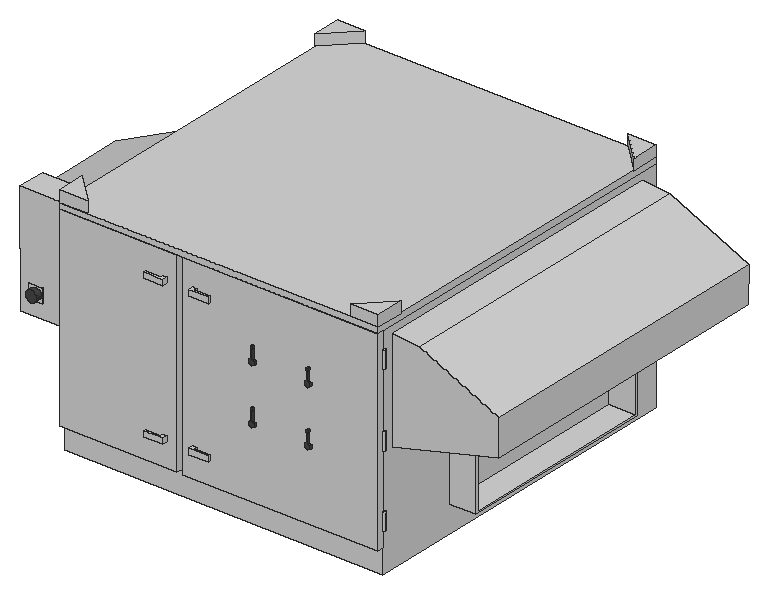
Revit family "HE3XRTH_FEB23", category Mechanical Equipment, Revit 2019
Family settings
  Round Connector Dimension = Use Diameter
  Part Type = Normal
  OmniClass Number = 23.75.00.00
  OmniClass Title = Climate Control (HVAC)
  Work Plane-Based = No
  Always vertical = Yes
  Cut with Voids When Loaded = No
  Shared = No
  Room Calculation Point = No
Parameters (values of type "2.0 HP 120V Single Phase")
  Voltage = "120"
  Ventilation Type = "Static Plate, Heat and Humidity Transfer"
  Unit Width = "63-1/4\""
  Unit Weight = "700-972 lbs."
  Unit Length = "94\""
  Unit Height = "44\""
  Unit = Metal - RenewAire - Anodized - Gray Text
  URL = "www.renewaire.com"
  Typical Airflow Range = "750-3,300 CFM"
  Standard Features = "TEFC Premium efficiency motors, Motor starters, Non-Fused Disconnect, 24VAC Transformer/Relay Package"
  Shipping Weight = "1,067 lbs."
  Service Area Visibility = no
  Service Area Box = Interference - RenewAire - Smooth - Light - Gold
  Revit Object Download Link = ""
  Phase = "Single"
  Options = "Integrated programmable controls, Fused disconnect, Double wall construction, Factory supplied and mounted variable frequency drives (VFDs) – one or both airstreams, Class 1 low leakage motorized isolation dampers – OA, RA or both airstreams, Qty. 2 Factory mounted filter alarms, Exterior Paint - white, custom colors"
  Number Motors = "Qty. 2, Belt drive blower/standard motor packages with adjustable sheaves"
  Model = "HE3XRTH"
  Minimum Circuit Amps = "45.0 A"
  Maximum Overcurrent Protection = "60 A"
  Max. Shipping Width = "70\""
  Max. Shipping Length = "80\""
  Max. Shipping Height = "67\""
  Manufacturer = "RenewAire LLC"
  Frequency = "60 HZ"
  FLA per Motor = "20.0"
  Description = "Energy Recovery Ventilator"
  Connector Base Material = Glass - With - Transparency
  Accessories = "Filters - MERV 13, 2\" (shipped loose),Roof curb - standard 14\", Curb wind clip, Engineered combo curb for Carrier RTU, Engineered combo curb for Trane RTU, Digital time clock - wall mount(TC7D-W), in exterior enclosure (TC7D-E), Motion occupancy control - ceiling mount(MC-C), wall mount(MC-W), Carbon dioxide control - wall mount (CO2-W), duct mount(CO2-D), Electric duct heater – EK series (1-60 KW), EH series (61-175kW); designed for indoor ductwork installation only, Indirect gas-fired duct furnace - GH Series (50-400 MBH), installed downstream of any fans"
  AHRI 1060 Certified Core = "Three L125-G5"
Types (13): name | Voltage | Phase | Options | Minimum Circuit Amps | Maximum Overcurrent Protection | FLA per Motor | Accessories
  (no name) | "120" | "Single" | "Integrated programmable controls, Fused disconnect, Double wall construction, Factory supplied and mounted variable frequency drives (VFDs) – one or both airstreams, Class 1 low leakage motorized isolation dampers – OA, RA or both airstreams, Qty. 2 Factory mounted filter alarms, Exterior Paint - white, custom colors" | "45.0 A" | "60 A" | "20.0" | "Filters - MERV 13, 2\" (shipped loose),Roof curb - standard 14\", Curb wind clip, Engineered combo curb for Carrier RTU, Engineered combo curb for Trane RTU, Digital time clock - wall mount(TC7D-W), in exterior enclosure (TC7D-E), Motion occupancy control - ceiling mount(MC-C), wall mount(MC-W), Carbon dioxide control - wall mount (CO2-W), duct mount(CO2-D), Electric duct heater – EK series (1-60 KW), EH series (61-175kW); designed for indoor ductwork installation only, Indirect gas-fired duct furnace - GH Series (50-400 MBH), installed downstream of any fans"
  2.0 HP 120V Single Phase | "120" | "Single" | "Integrated programmable controls, Fused disconnect, Double wall construction, Factory supplied and mounted variable frequency drives (VFDs) – one or both airstreams, Class 1 low leakage motorized isolation dampers – OA, RA or both airstreams, Qty. 2 Factory mounted filter alarms, Exterior Paint - white, custom colors" | "45.0 A" | "60 A" | "20.0" | "Filters - MERV 13, 2\" (shipped loose),Roof curb - standard 14\", Curb wind clip, Engineered combo curb for Carrier RTU, Engineered combo curb for Trane RTU, Digital time clock - wall mount(TC7D-W), in exterior enclosure (TC7D-E), Motion occupancy control - ceiling mount(MC-C), wall mount(MC-W), Carbon dioxide control - wall mount (CO2-W), duct mount(CO2-D), Electric duct heater – EK series (1-60 KW), EH series (61-175kW); designed for indoor ductwork installation only, Indirect gas-fired duct furnace - GH Series (50-400 MBH), installed downstream of any fans"
  2.0 HP 208-230V Single Phase | "208-230" | "Single" | "Integrated programmable controls, Fused disconnect, Double wall construction, Factory supplied and mounted variable frequency drives (VFDs) – one or both airstreams, Class 1 low leakage motorized isolation dampers – OA, RA or both airstreams, Qty. 2 Factory mounted filter alarms, Exterior Paint - white, custom colors" | "24.3 A" | "35 A" | "10.8-10.0" | "Filters - MERV 13, 2\" (shipped loose),Roof curb - standard 14\", Curb wind clip, Engineered combo curb for Carrier RTU, Engineered combo curb for Trane RTU, Digital time clock - wall mount(TC7D-W), in exterior enclosure (TC7D-E), Motion occupancy control - ceiling mount(MC-C), wall mount(MC-W), Carbon dioxide control - wall mount (CO2-W), duct mount(CO2-D), Electric duct heater – EK series (1-60 KW), EH series (61-175kW); designed for indoor ductwork installation only, Indirect gas-fired duct furnace - GH Series (50-400 MBH), installed downstream of any fans"
  2.0 HP 208-230V Three Phase | "208-230" | "Three" | "Integrated programmable controls, Fused disconnect, Double wall construction, Factory supplied and mounted variable frequency drives (VFDs) – one or both airstreams, Class 1 low leakage motorized isolation dampers – OA, RA or both airstreams, Qty. 2 Factory mounted filter alarms, Exterior Paint - white, custom colors" | "14.9 A" | "20 A" | "6.6-5.8" | "Filters - MERV 13, 2\" (shipped loose),Roof curb - standard 14\", Curb wind clip, Engineered combo curb for Carrier RTU, Engineered combo curb for Trane RTU, Digital time clock - wall mount(TC7D-W), in exterior enclosure (TC7D-E), Motion occupancy control - ceiling mount(MC-C), wall mount(MC-W), Carbon dioxide control - wall mount (CO2-W), duct mount(CO2-D), Electric duct heater – EK series (1-60 KW), EH series (61-175kW); designed for indoor ductwork installation only, Indirect gas-fired duct furnace - GH Series (50-400 MBH), installed downstream of any fans"
  2.0 HP 460V Three Phase | "460" | "Three" | "Integrated programmable controls, Fused disconnect, Double wall construction, Factory supplied and mounted variable frequency drives (VFDs) – one or both airstreams, Class 1 low leakage motorized isolation dampers – OA, RA or both airstreams, Qty. 2 Factory mounted filter alarms, Exterior Paint - white, custom colors" | "6.5 A" | "15 A" | "2.9" | "Filters - MERV 13, 2\" (shipped loose),Roof curb - standard 14\", Curb wind clip, Engineered combo curb for Carrier RTU, Engineered combo curb for Trane RTU, Digital time clock - wall mount(TC7D-W), in exterior enclosure (TC7D-E), Motion occupancy control - ceiling mount(MC-C), wall mount(MC-W), Carbon dioxide control - wall mount (CO2-W), duct mount(CO2-D), Electric duct heater – EK series (1-60 KW), EH series (61-175kW); designed for indoor ductwork installation only, Indirect gas-fired duct furnace - GH Series (50-400 MBH), installed downstream of any fans\\"
  2.0 HP 575V Three Phase | "575" | "Three" | "Integrated programmable controls, Fused disconnect, Double wall construction, Factory supplied and mounted variable frequency drives (VFDs) – one or both airstreams, Class 1 low leakage motorized isolation dampers – OA, RA or both airstreams, Qty. 2 Factory mounted filter alarms, Exterior Paint - white, custom colors" | "5.4 A" | "15 A" | "2.4" | "Filters - MERV 13, 2\" (shipped loose),Roof curb - standard 14\", Curb wind clip, Engineered combo curb for Carrier RTU, Engineered combo curb for Trane RTU, Digital time clock - wall mount(TC7D-W), in exterior enclosure (TC7D-E), Motion occupancy control - ceiling mount(MC-C), wall mount(MC-W), Carbon dioxide control - wall mount (CO2-W), duct mount(CO2-D), Electric duct heater – EK series (1-60 KW), EH series (61-175kW); designed for indoor ductwork installation only, Indirect gas-fired duct furnace - GH Series (50-400 MBH), installed downstream of any fans"
  3.0 HP 208-230V Single Phase | "208-230" | "Single" | "Integrated programmable controls, Fused disconnect, Double wall construction, Factory supplied and mounted variable frequency drives (VFDs) – one or both airstreams, Class 1 low leakage motorized isolation dampers – OA, RA or both airstreams, Qty. 2 Factory mounted filter alarms, Exterior Paint - white, custom colors" | "33.1 A" | "40 A" | "14.7-14" | "Filters - MERV 13, 2\" (shipped loose),Roof curb - standard 14\", Curb wind clip, Engineered combo curb for Carrier RTU, Engineered combo curb for Trane RTU, Digital time clock - wall mount(TC7D-W), in exterior enclosure (TC7D-E), Motion occupancy control - ceiling mount(MC-C), wall mount(MC-W), Carbon dioxide control - wall mount (CO2-W), duct mount(CO2-D), Electric duct heater – EK series (1-60 KW), EH series (61-175kW); designed for indoor ductwork installation only, Indirect gas-fired duct furnace - GH Series (50-400 MBH), installed downstream of any fans"
  3.0 HP 208-230V Three Phase | "208-230" | "Three" | "Integrated programmable controls, Fused disconnect, Double wall construction, Factory supplied and mounted variable frequency drives (VFDs) – one or both airstreams, Class 1 low leakage motorized isolation dampers – OA, RA or both airstreams, Qty. 2 Factory mounted filter alarms, Exterior Paint - white, custom colors" | "21.1 A" | "25 A" | "9.4-8.5" | "Filters - MERV 13, 2\" (shipped loose),Roof curb - standard 14\", Curb wind clip, Engineered combo curb for Carrier RTU, Engineered combo curb for Trane RTU, Digital time clock - wall mount(TC7D-W), in exterior enclosure (TC7D-E), Motion occupancy control - ceiling mount(MC-C), wall mount(MC-W), Carbon dioxide control - wall mount (CO2-W), duct mount(CO2-D), Electric duct heater – EK series (1-60 KW), EH series (61-175kW); designed for indoor ductwork installation only, Indirect gas-fired duct furnace - GH Series (50-400 MBH), installed downstream of any fans"
  3.0 HP 460V Three Phase | "460" | "Three" | "Integrated programmable controls, Fused disconnect, Double wall construction, Factory supplied and mounted variable frequency drives (VFDs) – one or both airstreams, Class 1 low leakage motorized isolation dampers – OA, RA or both airstreams, Qty. 2 Factory mounted filter alarms, Exterior Paint - white, custom colors\r\nIntegrated programmable controls, Fused disconnect, Double wall construction, Factory supplied and mounted variable frequency drives (VFDs) – one or both airstreams, Class 1 low leakage motorized isolation dampers – OA, EA or both airstreams, Qty. 2 Factory mounted filter alarms, Exterior Paint - white, custom colors" | "9.5 A" | "15 A" | "4.2" | "Filters - MERV 13, 2\" (shipped loose),Roof curb - standard 14\", Curb wind clip, Engineered combo curb for Carrier RTU, Engineered combo curb for Trane RTU, Digital time clock - wall mount(TC7D-W), in exterior enclosure (TC7D-E), Motion occupancy control - ceiling mount(MC-C), wall mount(MC-W), Carbon dioxide control - wall mount (CO2-W), duct mount(CO2-D), Electric duct heater – EK series (1-60 KW), EH series (61-175kW); designed for indoor ductwork installation only, Indirect gas-fired duct furnace - GH Series (50-400 MBH), installed downstream of any fans"
  3.0 HP 575V Three Phase | "575" | "Three" | "Integrated programmable controls, Fused disconnect, Double wall construction, Factory supplied and mounted variable frequency drives (VFDs) – one or both airstreams, Class 1 low leakage motorized isolation dampers – OA, RA or both airstreams, Qty. 2 Factory mounted filter alarms, Exterior Paint - white, custom colors" | "7.4 A" | "15 A" | "3.3" | "Filters - MERV 13, 2\" (shipped loose),Roof curb - standard 14\", Curb wind clip, Engineered combo curb for Carrier RTU, Engineered combo curb for Trane RTU, Digital time clock - wall mount(TC7D-W), in exterior enclosure (TC7D-E), Motion occupancy control - ceiling mount(MC-C), wall mount(MC-W), Carbon dioxide control - wall mount (CO2-W), duct mount(CO2-D), Electric duct heater – EK series (1-60 KW), EH series (61-175kW); designed for indoor ductwork installation only, Indirect gas-fired duct furnace - GH Series (50-400 MBH), installed downstream of any fans\r\nFilters - MERV 13, 2\" (shipped loose),Roof curb - standard 14\", Curb wind clip, Engineered combo curb for Carrier RTU, Engineered combo curb for Trane RTU, Digital time clock - wall mount(TC7D-W), in exterior enclosure (TC7D-E), Motion occupancy control - ceiling mount(MC-C), wall mount(MC-W), Carbon dioxide control - wall mount (CO2-W), duct mount(CO2-D), Electric duct heater – EK series (1-60 KW); designed for indoor ductwork installation only, Indirect gas-fired duct furnace - GH Series (50-400 MBH), installed downstream of any fans"
  5.0 HP 208-230V Three Phase | "208-230" | "Three" | "Integrated programmable controls, Fused disconnect, Double wall construction, Factory supplied and mounted variable frequency drives (VFDs) – one or both airstreams, Class 1 low leakage motorized isolation dampers – OA, RA or both airstreams, Qty. 2 Factory mounted filter alarms, Exterior Paint - white, custom colors" | "32.6 A" | "45 A" | "14.5-13.4" | "Filters - MERV 13, 2\" (shipped loose),Roof curb - standard 14\", Curb wind clip, Engineered combo curb for Carrier RTU, Engineered combo curb for Trane RTU, Digital time clock - wall mount(TC7D-W), in exterior enclosure (TC7D-E), Motion occupancy control - ceiling mount(MC-C), wall mount(MC-W), Carbon dioxide control - wall mount (CO2-W), duct mount(CO2-D), Electric duct heater – EK series (1-60 KW), EH series (61-175kW); designed for indoor ductwork installation only, Indirect gas-fired duct furnace - GH Series (50-400 MBH), installed downstream of any fans"
  5.0 HP 460V Three Phase | "460" | "Three" | "Integrated programmable controls, Fused disconnect, Double wall construction, Factory supplied and mounted variable frequency drives (VFDs) – one or both airstreams, Class 1 low leakage motorized isolation dampers – OA, RA or both airstreams, Qty. 2 Factory mounted filter alarms, Exterior Paint - white, custom colors" | "15.1 A" | "20 A" | "6.7" | "Filters - MERV 13, 2\" (shipped loose),Roof curb - standard 14\", Curb wind clip, Engineered combo curb for Carrier RTU, Engineered combo curb for Trane RTU, Digital time clock - wall mount(TC7D-W), in exterior enclosure (TC7D-E), Motion occupancy control - ceiling mount(MC-C), wall mount(MC-W), Carbon dioxide control - wall mount (CO2-W), duct mount(CO2-D), Electric duct heater – EK series (1-60 KW), EH series (61-175kW); designed for indoor ductwork installation only, Indirect gas-fired duct furnace - GH Series (50-400 MBH), installed downstream of any fans"
  5.0 HP 575V Three Phase | "575" | "Three" | "Integrated programmable controls, Fused disconnect, Double wall construction, Factory supplied and mounted variable frequency drives (VFDs) – one or both airstreams, Class 1 low leakage motorized isolation dampers – OA, RA or both airstreams, Qty. 2 Factory mounted filter alarms, Exterior Paint - white, custom colors" | "11.9 A" | "15 A" | "5.3" | "Filters - MERV 13, 2\" (shipped loose),Roof curb - standard 14\", Curb wind clip, Engineered combo curb for Carrier RTU, Engineered combo curb for Trane RTU, Digital time clock - wall mount(TC7D-W), in exterior enclosure (TC7D-E), Motion occupancy control - ceiling mount(MC-C), wall mount(MC-W), Carbon dioxide control - wall mount (CO2-W), duct mount(CO2-D), Electric duct heater – EK series (1-60 KW), EH series (61-175kW); designed for indoor ductwork installation only, Indirect gas-fired duct furnace - GH Series (50-400 MBH), installed downstream of any fans"
Reference planes (in)
  plane 1 "Center (Front/Back)": y = 0
  plane 2: z = 0
  plane 3 "Center (Left/Right)": x = 0
Forms (in)
  Extrusion 1, solid, material "Metal - RenewAire - Anodized - Gray Text" <- "Unit"
    sketch origin (0, 0, 0) x (1, 0, 0) y (0, 0, 1)
      loop
        line (-28.5625, 0) -> (28.5625, 0) -> (28.5625, 39.25) -> (-28.5625, 39.25) -> (-28.5625, 0)
    from 30.125 to -31.125
  Extrusion 2, solid, material "Metal - RenewAire - Anodized - Gray Text"
    sketch origin (0, 0, 0) x (1, 0, 0) y (0, 0, 1)
      loop
        line (-28.5625, 39.25) -> (28.5625, 39.25) -> (28.5625, 40.25) -> (-28.5625, 40.25) -> (-28.5625, 39.25)
    from 31.125 to -31.125
  Extrusion 3, solid, material "Metal - RenewAire - Anodized - Gray Text"
    sketch origin (0, 0, 0) x (1, 0, 0) y (0, 0, 1)
      loop
        line (-6.4375, 39.25) -> (-6.4375, 4.25) -> (28.5625, 4.25) -> (28.5625, 39.25) -> (-6.4375, 39.25)
      loop
        line (-28.5625, 39.25) -> (-28.5625, 4.25) -> (-7.5625, 4.25) -> (-7.5625, 39.25) -> (-28.5625, 39.25)
    from 31.125 to 30.125
  Extrusion 4, solid, material "Metal - RenewAire - Anodized - Gray Text"
    sketch origin (0, 0, 0) x (1, 0, 0) y (0, 1, 0)
      loop
        circle (-28.8125, -30.125) r 0.25
      loop
        circle (28.8125, -30.125) r 0.25
    from 10.25 to 7.25
  Extrusion 5, solid, material "Metal - RenewAire - Anodized - Gray Text"
    sketch origin (0, 0, 0) x (1, 0, 0) y (0, 1, 0)
      loop
        circle (-28.8125, -30.125) r 0.25
      loop
        circle (28.8125, -30.125) r 0.25
    from 36.25 to 33.25
  Extrusion 6, solid, material "Metal - RenewAire - Anodized - Gray Text"
    sketch origin (0, 0, 0) x (1, 0, 0) y (0, 1, 0)
      loop
        circle (-28.8125, -30.125) r 0.25
      loop
        circle (28.8125, -30.125) r 0.25
    from 23.125 to 20.125
  Extrusion 7, solid, material "Metal - RenewAire - Anodized - Gray Text"
    sketch origin (0, 0, 0) x (1, 0, 0) y (0, 1, 0)
      loop
        line (-4.6875, -31.125) -> (-4.6875, -32) -> (-1.1875, -32) -> (-1.1875, -31.625) -> (-3.9375, -31.625) -> (-3.9375, -31.125) -> (-4.6875, -31.125)
      loop
        line (-9.3125, -31.125) -> (-10.0625, -31.125) -> (-10.0625, -31.625) -> (-12.8125, -31.625) -> (-12.8125, -32) -> (-9.3125, -32) -> (-9.3125, -31.125)
    from 9.5 to 8.5
  Extrusion 8, solid, material "Metal - RenewAire - Anodized - Gray Text"
    sketch origin (0, 0, 0) x (1, 0, 0) y (0, 1, 0)
      loop
        line (-4.6875, -31.125) -> (-4.6875, -32) -> (-1.1875, -32) -> (-1.1875, -31.625) -> (-3.9375, -31.625) -> (-3.9375, -31.125) -> (-4.6875, -31.125)
      loop
        line (-9.3125, -31.125) -> (-10.0625, -31.125) -> (-10.0625, -31.625) -> (-12.8125, -31.625) -> (-12.8125, -32) -> (-9.3125, -32) -> (-9.3125, -31.125)
    from 35 to 34
  Extrusion 9, solid, material "Metal - RenewAire - Anodized - Gray Text"
    sketch origin (0, 0, 0) x (1, 0, 0) y (0, 0, 1)
      loop
        line (-28.5625, 37.5) -> (-38.875, 37.5) -> (-38.875, 17.5) -> (-28.5625, 17.5) -> (-28.5625, 37.5)
    from 27.125 to 22.125
  Extrusion 10, solid, material "Metal - RenewAire - Anodized - Gray Text"
    sketch origin (0, 0, 0) x (1, 0, 0) y (0, 0, 1)
      loop
        line (-37.25, 22.5) -> (-37.25, 20) -> (-34.75, 20) -> (-34.75, 22.5) -> (-37.25, 22.5)
    from 27.25 to 27.125
  Extrusion 11, solid, material "MonitorPorts"
    sketch origin (0, 0, 0) x (1, 0, 0) y (0, 0, 1)
      loop
        circle (-36, 21.25) r 1
    from 28.25 to 27.125
  Extrusion 12, solid, material "Interference - RenewAire - Smooth - Light - Gold" <- "Service Area Box", visible <- "Service Area Visibility"
    sketch origin (0, 0, 0) x (1, 0, 0) y (0, 0, 1)
      loop
        line (28.5625, 40.25) -> (-37.0625, 40.25) -> (-37.0625, 0) -> (28.5625, 0) -> (28.5625, 40.25)
    from 64.875 to 31.125
  Extrusion 13, solid, material "Metal - RenewAire - Anodized - Gray Text" <- "Unit"
    sketch origin (0, 0, 0) x (1, 0, 0) y (0, 1, 0)
      loop
        line (-28.5625, 31.125) -> (-28.5625, 26.125) -> (-23.5625, 31.125) -> (-28.5625, 31.125)
      loop
        line (-28.5625, -31.125) -> (-23.5625, -31.125) -> (-28.5625, -26.125) -> (-28.5625, -31.125)
      loop
        line (28.5625, -31.125) -> (28.5625, -26.125) -> (23.5625, -31.125) -> (28.5625, -31.125)
      loop
        line (28.5625, 31.125) -> (23.5625, 31.125) -> (28.5625, 26.125) -> (28.5625, 31.125)
    from 42.25 to 40.25
  Extrusion 14, solid, material "Metal - RenewAire - Anodized - Gray Text"
    sketch origin (0, 0, 0) x (-1, 0, 0) y (0, 0, -1)
      loop
        line (-28.5625, -38) -> (-28.5625, -19.59875) -> (-47.6875, -24.59875) -> (-47.6875, -31) -> (-33.5625, -37.5) -> (-28.5625, -38)
    from 28 to -28
  Extrusion 15, solid, material "Metal - RenewAire - Anodized - Gray Text"
    sketch origin (0, 3, 0) x (1, 0, 0) y (0, 0, 1)
      loop
        line (-28.5625, 21) -> (-28.5625, 37.75) -> (-45.5625, 29.25) -> (-42.8125, 21) -> (-28.5625, 21)
    from 21.25 to 0.25
  Extrusion 16, void
    sketch origin (0, 0, 0) x (1, 0, 0) y (0, 1, 0)
      loop
        line (-28.0625, 30.625) -> (-28.0625, -29.625) -> (28.0625, -29.625) -> (28.0625, 30.625) -> (-28.0625, 30.625)
    from 4.625 to -0.74714
  Extrusion 17, solid, material "Metal - RenewAire - Anodized - Gray Text"
    sketch origin (0, 3, 0) x (0, 1, 0) y (0, 0, 1)
      loop
        line (-9.25, 16.5) -> (-21.25, 16.5) -> (-21.25, 4.5) -> (-9.25, 4.5) -> (-9.25, 16.5)
      loop
        line (-9.5, 16.25) -> (-21, 16.25) -> (-21, 4.75) -> (-9.5, 4.75) -> (-9.5, 16.25)
    from -28.5625 to -29.5625
  Extrusion 18, solid, material "Metal - RenewAire - Anodized - Gray Text"
    sketch origin (0, 0, -0.5) x (0, 1, 0) y (0, 0, 1)
      loop
        line (-15.375, 19.5) -> (-15.375, 5.5) -> (20.625, 5.5) -> (20.625, 19.5) -> (-15.375, 19.5)
      loop
        line (-15.125, 19.25) -> (-15.125, 5.75) -> (20.375, 5.75) -> (20.375, 19.25) -> (-15.125, 19.25)
    from 33.5625 to 28.5625
Cuts and joins
  Extrusion 16 cuts Extrusion 1
Dimensions and locks (in)
  Extrusion 2 to Extrusion 3 sketch curve to Extrusion 3 sketch curve = 1' - 9", 3' - 0 1/8"
  aligned and locked: level to plane 2
Nested families (in)
  nested 1: "Monitoring Port" at (16.0625, -31.125, 19.472) x (-1, 0, 0) z (0, 0, -1), type "Monitoring Port"
  nested 2: "Monitoring Port" at (6.0625, -31.125, 19.472) x (-1, 0, 0) z (0, 0, -1), type "Monitoring Port"
  nested 3: "Monitoring Port" at (16.0625, -31.125, 29.472) x (-1, 0, 0) z (0, 0, -1), type "Monitoring Port"
  nested 4: "Monitoring Port" at (6.0625, -31.125, 29.472) x (-1, 0, 0) z (0, 0, -1), type "Monitoring Port"
Connectors (in)
  hvac at (-29.5625, -12.25, 10.5)
    settings: on Extrusion 17, index 1, duct flow 0 CFM, flow factor 0, pres drop 0.00 in-wg, loss coef 0, conn angle 0.00°, conn width 12", conn height 12", conn diameter 24", duct sys type 1, conn prof type 1, flow config 0, flow direction 2, loss method 0, conn ref index -1, conn util no, is conn primary yes, conn desc "FA (Fresh Air)"
  hvac at (33.5625, 2.625, 12)
    settings: on Extrusion 18, index 4, duct flow 0 CFM, flow factor 0, pres drop 0.00 in-wg, loss coef 0, conn angle 0.00°, conn width 36", conn height 14", conn diameter 24", duct sys type 2, conn prof type 1, flow config 0, flow direction 1, loss method 0, conn ref index -1, conn util no, is conn primary no, conn desc "RA (Return Air)"
Definition of nested family "Monitoring Port"
  Parameters
    URL = "www.renewaire.com"
    Revit Object Download Link = ""
    Model = ""
    Manufacturer = "RenewAire LLC"
    Description = "Monitoring Ports"
  Reference planes (in)
    plane 1 "Center (Front/Back)": y = 0
    plane 2: z = 0
    plane 3 "Center (Left/Right)": x = 0
  Forms (in)
    Extrusion 1, solid
      sketch origin (-9.43348, 0, 37.76669) x (-1, 0, 0) y (0, 0, -1)
        loop
          line (-9.53348, 35.65895) -> (-9.94097, 35.42369) -> (-9.94097, 34.83769) -> (-9.43348, 34.54469) -> (-8.92599, 34.83769) -> (-8.92599, 35.42369) -> (-9.33348, 35.65895) -> (-9.33348, 37.28756)
          arc (-9.33348, 37.28756) -> (-9.43348, 37.76669) -> (-9.53348, 37.28756) r 0.25
          line (-9.53348, 37.28756) -> (-9.53348, 35.65895)
      from 0 to 0.25
  Dimensions and locks (in)
    aligned and locked: level to plane 2
